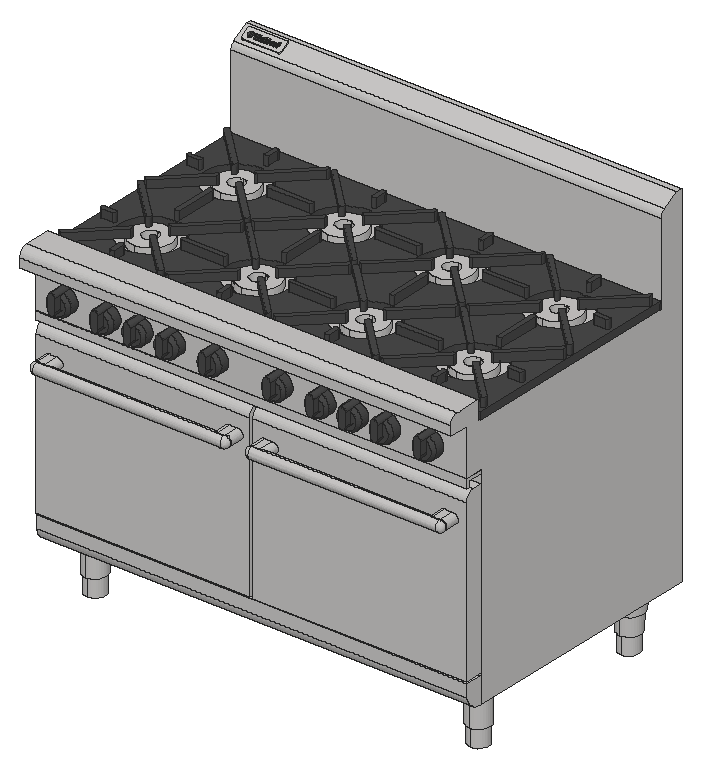
Revit family "QF_MOFFAT WALDORF_RN8820G", category Specialty Equipment, Revit 2012
Parameters
  Width = 1200 mm
  Weight in Pounds = 302
  URL Cutsheet = "www.moffat.com"
  URL = "www.moffat.com"
  Type Mark [instance] = ""
  Status [instance] = ""
  Specification by User [instance] = ""
  Specification by Manufacturer = ""
  Show Logo [instance] = yes
  Show Clearance [instance] = yes
  Serial Number = ""
  Seismic Rating = ""
  SMACNA No = ""
  Revision Code [instance] = ""
  Omniclass Number and Title = ""
  NAFEM Spec ID Number = ""
  Model = "RN8820G"
  Mechanical Remarks = ""
  Mechanical Connection Type [instance] = ""
  Masterspec = ""
  Manufacturer = "MOFFAT WALDORF"
  Item Number [instance] = ""
  Installed By [instance] = ""
  Identify Quantity as Lot [instance] = yes
  Height = 1130 mm
  Gas Size = 3/4"
  Gas RI Height [instance] = 0 mm
  Gas KW [instance] = 75.5
  Gas Input [instance] = 257806.0 Btu/h
  Gas Connection Height = 0 mm
  Furnished By [instance] = ""
  Foodservice Equipment Identifier [instance] = yes
  Description = "RANGE GAS WITH DOUBLE STATIC OVENS"
  Depth = 805 mm
  CSI MasterFormat = ""
  CSI Master Format = ""
  Body Finish = QF_Finishes_Stainless Steel
Reference planes
  plane 1 "BACK": y = 0
  plane 2: z = 0
  plane 3 "LEFT": x = 0
  plane 4 "RIGHT": x = 1200
  plane 5 "FRONT": y = -805
  plane 6 "TOP": z = 1130
  plane 7 "Center Y": x = 600
  plane 8 "Center X": y = -402.5
  plane 9: x = 280
  plane 10: y = -574.272
  plane 11: x = 60
  plane 12: y = -304.972
  plane 13: y = -364.972
  plane 14: x = 74
  plane 15: y = -805
  plane 16: x = 1134.5
  plane 17: y = -32
  plane 18: z = 655
  plane 19: x = 65.5
  plane 20: x = 65.8
Forms (mm)
  Extrusion 1, solid, material "QF_Finishes_Stainless Steel" <- "Body Finish"
    sketch origin (0, 0, 0) x (0, 1, 0) y (0, 0, 1)
      loop
        line (0, 150) -> (0, 1130) -> (-16.5, 1130) -> (-58.709, 1105.631)
        arc (-58.709, 1105.631) -> (-66.975, 1097.365) -> (-70, 1086.074) r 22.582
        line (-70, 1086.074) -> (-70, 861.8) -> (-709, 861.8) -> (-709, 915) -> (-781, 915)
        arc (-781, 915) -> (-797.971, 907.971) -> (-805, 891) r 24
        line (-805, 891) -> (-805, 866) -> (-749, 866) -> (-749, 736.219) -> (-696.73, 736.219) -> (-696.73, 150) -> (0, 150)
      loop
        line (-700.93, 150.071) -> (-700.93, 222.5) -> (-746.73, 222.5) -> (-746.73, 188)
        arc (-746.73, 188) -> (-731.317, 159.995) -> (-700.93, 150.071) r 43.526
      loop
        line (-749, 710) -> (-740.224, 710) -> (-742.613, 726.999) -> (-700.93, 726.999) -> (-700.93, 734.003) -> (-749, 734.003) -> (-749, 710)
    from 0 to 1200
  Extrusion 2, solid, material "QF_Finishes_Stainless Steel"
    sketch origin (0, 0, 0) x (0, 1, 0) y (0, 0, 1)
      loop
        line (-699, 700) -> (-725, 700)
        arc (-725, 700) -> (-741.971, 692.971) -> (-749, 676) r 24
        line (-749, 676) -> (-749, 227.5) -> (-699, 227.5) -> (-699, 700)
    from 0 to 1200
  Revolve 3, solid, material "QF_Finishes_Stainless Steel" <- "Body Finish"
    sketch origin (1134.5, -165, 0) x (0, 1, 0) y (0, 0, -1)
      loop
        line (33.25, -50) -> (31.418, -102.468) -> (26.406, -102.468) -> (22.247, -150) -> (65, -150) -> (65, 0) -> (37.5, 0) -> (37.5, -50) -> (33.25, -50)
      axis (65, -150) -> (65, 0)
    angle from 0 to 360
  Revolve 4, solid, material "QF_Finishes_Stainless Steel" <- "Body Finish"
    sketch origin (1134.5, -696.126, 0) x (0, 1, 0) y (0, 0, -1)
      loop
        line (39.376, -150) -> (71.126, -150) -> (71.126, 0) -> (43.626, 0) -> (43.626, -50) -> (39.376, -50) -> (39.376, -150)
      axis (71.126, -150) -> (71.126, 0)
    angle from 0 to 360
  Revolve 5, solid, material "QF_Finishes_Stainless Steel" <- "Body Finish"
    sketch origin (65.5, -165, 0) x (0, 1, 0) y (0, 0, 1)
      loop
        line (31.418, 102.468) -> (33.25, 50) -> (37.5, 50) -> (37.5, 0) -> (65, 0) -> (65, 150) -> (22.247, 150) -> (26.406, 102.468) -> (31.418, 102.468)
      axis (65, 150) -> (65, 0)
    angle from 0 to 360
  Revolve 6, solid, material "QF_Finishes_Stainless Steel" <- "Body Finish"
    sketch origin (65.5, -696.126, 0) x (0, 1, 0) y (0, 0, 1)
      loop
        line (39.376, 150) -> (39.376, 50) -> (43.626, 50) -> (43.626, 0) -> (71.126, 0) -> (71.126, 150) -> (39.376, 150)
      axis (71.126, 150) -> (71.126, 0)
    angle from 0 to 360
  Extrusion 7, solid, material "QF_Finishes_Stainless Steel"
    sketch origin (-64.5, 0, 325) x (1, 0, 0) y (0, 1, 0)
      loop
        circle (1134.5, -32) r 10
    from 330 to 374.856
  Extrusion 8, solid, material "QF_Finishes_Black"
    sketch origin (0, -70, 861.8) x (0, -1, 0) y (1, 0, 0)
      loop
        arc (1, 4) -> (1.879, 1.879) -> (4, 1) r 3
        line (4, 1) -> (631, 1)
        arc (631, 1) -> (633.121, 1.879) -> (634, 4) r 3
        line (634, 4) -> (634, 1197)
        arc (634, 1197) -> (633.121, 1199.121) -> (631, 1200) r 3
        line (631, 1200) -> (4, 1200)
        arc (4, 1200) -> (1.879, 1199.121) -> (1, 1197) r 3
        line (1, 1197) -> (1, 4)
      loop
        circle (167.5, 150) r 85
      loop
        circle (167.5, 450) r 85
      loop
        circle (467.768, 150) r 85
      loop
        circle (467.768, 450) r 85
      loop
        circle (167.5, 750) r 85
      loop
        circle (467.768, 750) r 85
      loop
        circle (167.5, 1050) r 85
      loop
        circle (467.768, 1050) r 85
    from 0 to 19.5
  Extrusion 9, solid, material "QF_Finishes_Black"
    sketch origin (0, -70, 881.3) x (0, -1, 0) y (1, 0, 0)
      loop
        spline (323.602, 15.153) -> (322.681, 13.924) -> (322.131, 12.47) -> (321.99, 10.89) -> (322.267, 9.292) -> (322.943, 7.786) -> (323.973, 6.473) -> (325.286, 5.443) -> (326.792, 4.767) -> (328.39, 4.49) -> (329.97, 4.631) -> (331.424, 5.181) -> (332.653, 6.102)
        line (332.653, 6.102) -> (440.576, 114.025)
        spline (440.576, 114.025) -> (441.337, 115.095) -> (441.738, 116.399) -> (441.751, 117.851) -> (441.375, 119.35) -> (440.637, 120.795) -> (439.586, 122.086) -> (438.295, 123.137) -> (436.85, 123.875) -> (435.351, 124.251) -> (433.899, 124.238) -> (432.595, 123.837) -> (431.525, 123.076)
        line (431.525, 123.076) -> (323.602, 15.153)
      loop
        line (611.398, 15.153) -> (503.475, 123.076)
        spline (503.475, 123.076) -> (502.405, 123.837) -> (501.101, 124.238) -> (499.649, 124.251) -> (498.15, 123.875) -> (496.705, 123.137) -> (495.414, 122.086) -> (494.363, 120.795) -> (493.625, 119.35) -> (493.249, 117.851) -> (493.262, 116.399) -> (493.663, 115.095) -> (494.424, 114.025)
        line (494.424, 114.025) -> (602.347, 6.102)
        spline (602.347, 6.102) -> (603.416, 5.341) -> (604.721, 4.941) -> (606.172, 4.928) -> (607.671, 5.303) -> (609.116, 6.041) -> (610.408, 7.092) -> (611.459, 8.384) -> (612.197, 9.829) -> (612.572, 11.328) -> (612.559, 12.779) -> (612.159, 14.084) -> (611.398, 15.153)
      loop
        spline (375.602, 143.6) -> (376.896, 143.818) -> (378.102, 144.457) -> (379.138, 145.475) -> (379.932, 146.8) -> (380.432, 148.344) -> (380.602, 150) -> (380.432, 151.656) -> (379.932, 153.2) -> (379.138, 154.525) -> (378.102, 155.543) -> (376.896, 156.182) -> (375.602, 156.4)
        line (375.602, 156.4) -> (259.398, 156.4)
        spline (259.398, 156.4) -> (258.104, 156.182) -> (256.898, 155.543) -> (255.862, 154.525) -> (255.068, 153.2) -> (254.568, 151.656) -> (254.398, 150) -> (254.568, 148.344) -> (255.068, 146.8) -> (255.862, 145.475) -> (256.898, 144.457) -> (258.104, 143.818) -> (259.398, 143.6)
        line (259.398, 143.6) -> (375.602, 143.6)
      loop
        spline (23.602, 15.153) -> (22.681, 13.924) -> (22.131, 12.47) -> (21.99, 10.89) -> (22.267, 9.292) -> (22.943, 7.786) -> (23.973, 6.473) -> (25.286, 5.443) -> (26.792, 4.767) -> (28.39, 4.49) -> (29.97, 4.631) -> (31.424, 5.181) -> (32.653, 6.102)
        line (32.653, 6.102) -> (140.576, 114.025)
        spline (140.576, 114.025) -> (141.337, 115.095) -> (141.738, 116.399) -> (141.751, 117.851) -> (141.375, 119.35) -> (140.637, 120.795) -> (139.586, 122.086) -> (138.295, 123.137) -> (136.85, 123.875) -> (135.351, 124.251) -> (133.899, 124.238) -> (132.595, 123.837) -> (131.525, 123.076)
        line (131.525, 123.076) -> (23.602, 15.153)
      loop
        line (311.398, 15.153) -> (203.475, 123.076)
        spline (203.475, 123.076) -> (202.405, 123.837) -> (201.101, 124.238) -> (199.649, 124.251) -> (198.15, 123.875) -> (196.705, 123.137) -> (195.414, 122.086) -> (194.363, 120.795) -> (193.625, 119.35) -> (193.249, 117.851) -> (193.262, 116.399) -> (193.663, 115.095) -> (194.424, 114.025)
        line (194.424, 114.025) -> (302.347, 6.102)
        spline (302.347, 6.102) -> (303.416, 5.341) -> (304.721, 4.941) -> (306.172, 4.928) -> (307.671, 5.303) -> (309.116, 6.041) -> (310.408, 7.092) -> (311.459, 8.384) -> (312.197, 9.829) -> (312.572, 11.328) -> (312.559, 12.779) -> (312.159, 14.084) -> (311.398, 15.153)
      loop
        line (323.602, 284.847) -> (431.525, 176.924)
        spline (431.525, 176.924) -> (432.595, 176.163) -> (433.899, 175.762) -> (435.351, 175.749) -> (436.85, 176.125) -> (438.295, 176.863) -> (439.586, 177.914) -> (440.637, 179.205) -> (441.375, 180.65) -> (441.751, 182.149) -> (441.738, 183.601) -> (441.337, 184.905) -> (440.576, 185.975)
        line (440.576, 185.975) -> (332.653, 293.898)
        spline (332.653, 293.898) -> (331.424, 294.819) -> (329.97, 295.369) -> (328.39, 295.51) -> (326.792, 295.233) -> (325.286, 294.557) -> (323.973, 293.527) -> (322.943, 292.214) -> (322.267, 290.708) -> (321.99, 289.11) -> (322.131, 287.53) -> (322.681, 286.076) -> (323.602, 284.847)
      loop
        spline (611.398, 284.847) -> (612.159, 285.916) -> (612.559, 287.221) -> (612.572, 288.672) -> (612.197, 290.171) -> (611.459, 291.616) -> (610.408, 292.908) -> (609.116, 293.959) -> (607.671, 294.697) -> (606.172, 295.072) -> (604.721, 295.059) -> (603.416, 294.659) -> (602.347, 293.898)
        line (602.347, 293.898) -> (494.424, 185.975)
        spline (494.424, 185.975) -> (493.663, 184.905) -> (493.262, 183.601) -> (493.249, 182.149) -> (493.625, 180.65) -> (494.363, 179.205) -> (495.414, 177.914) -> (496.705, 176.863) -> (498.15, 176.125) -> (499.649, 175.749) -> (501.101, 175.762) -> (502.405, 176.163) -> (503.475, 176.924)
        line (503.475, 176.924) -> (611.398, 284.847)
      loop
        spline (461.1, 241.898) -> (461.318, 240.604) -> (461.957, 239.398) -> (462.975, 238.362) -> (464.3, 237.568) -> (465.844, 237.068) -> (467.5, 236.898) -> (469.156, 237.068) -> (470.7, 237.568) -> (472.025, 238.362) -> (473.043, 239.398) -> (473.682, 240.604) -> (473.9, 241.898)
        line (473.9, 241.898) -> (473.9, 358.102)
        spline (473.9, 358.102) -> (473.682, 359.396) -> (473.043, 360.602) -> (472.025, 361.638) -> (470.7, 362.432) -> (469.156, 362.932) -> (467.5, 363.102) -> (465.844, 362.932) -> (464.3, 362.432) -> (462.975, 361.638) -> (461.957, 360.602) -> (461.318, 359.396) -> (461.1, 358.102)
        line (461.1, 358.102) -> (461.1, 241.898)
      loop
        line (23.602, 284.847) -> (131.525, 176.924)
        spline (131.525, 176.924) -> (132.595, 176.163) -> (133.899, 175.762) -> (135.351, 175.749) -> (136.85, 176.125) -> (138.295, 176.863) -> (139.586, 177.914) -> (140.637, 179.205) -> (141.375, 180.65) -> (141.751, 182.149) -> (141.738, 183.601) -> (141.337, 184.905) -> (140.576, 185.975)
        line (140.576, 185.975) -> (32.653, 293.898)
        spline (32.653, 293.898) -> (31.424, 294.819) -> (29.97, 295.369) -> (28.39, 295.51) -> (26.792, 295.233) -> (25.286, 294.557) -> (23.973, 293.527) -> (22.943, 292.214) -> (22.267, 290.708) -> (21.99, 289.11) -> (22.131, 287.53) -> (22.681, 286.076) -> (23.602, 284.847)
      loop
        spline (311.398, 284.847) -> (312.159, 285.916) -> (312.559, 287.221) -> (312.572, 288.672) -> (312.197, 290.171) -> (311.459, 291.616) -> (310.408, 292.908) -> (309.116, 293.959) -> (307.671, 294.697) -> (306.172, 295.072) -> (304.721, 295.059) -> (303.416, 294.659) -> (302.347, 293.898)
        line (302.347, 293.898) -> (194.424, 185.975)
        spline (194.424, 185.975) -> (193.663, 184.905) -> (193.262, 183.601) -> (193.249, 182.149) -> (193.625, 180.65) -> (194.363, 179.205) -> (195.414, 177.914) -> (196.705, 176.863) -> (198.15, 176.125) -> (199.649, 175.749) -> (201.101, 175.762) -> (202.405, 176.163) -> (203.475, 176.924)
        line (203.475, 176.924) -> (311.398, 284.847)
      loop
        spline (161.1, 241.898) -> (161.318, 240.604) -> (161.957, 239.398) -> (162.975, 238.362) -> (164.3, 237.568) -> (165.844, 237.068) -> (167.5, 236.898) -> (169.156, 237.068) -> (170.7, 237.568) -> (172.025, 238.362) -> (173.043, 239.398) -> (173.682, 240.604) -> (173.9, 241.898)
        line (173.9, 241.898) -> (173.9, 358.102)
        spline (173.9, 358.102) -> (173.682, 359.396) -> (173.043, 360.602) -> (172.025, 361.638) -> (170.7, 362.432) -> (169.156, 362.932) -> (167.5, 363.102) -> (165.844, 362.932) -> (164.3, 362.432) -> (162.975, 361.638) -> (161.957, 360.602) -> (161.318, 359.396) -> (161.1, 358.102)
        line (161.1, 358.102) -> (161.1, 241.898)
      loop
        line (375.602, 456.4) -> (259.398, 456.4)
        spline (259.398, 456.4) -> (258.104, 456.182) -> (256.898, 455.543) -> (255.862, 454.525) -> (255.068, 453.2) -> (254.568, 451.656) -> (254.398, 450) -> (254.568, 448.344) -> (255.068, 446.8) -> (255.862, 445.475) -> (256.898, 444.457) -> (258.104, 443.818) -> (259.398, 443.6)
        line (259.398, 443.6) -> (375.602, 443.6)
        spline (375.602, 443.6) -> (376.896, 443.818) -> (378.102, 444.457) -> (379.138, 445.475) -> (379.932, 446.8) -> (380.432, 448.344) -> (380.602, 450) -> (380.432, 451.656) -> (379.932, 453.2) -> (379.138, 454.525) -> (378.102, 455.543) -> (376.896, 456.182) -> (375.602, 456.4)
      loop
        spline (323.602, 315.153) -> (322.681, 313.924) -> (322.131, 312.47) -> (321.99, 310.89) -> (322.267, 309.292) -> (322.943, 307.786) -> (323.973, 306.473) -> (325.286, 305.443) -> (326.792, 304.767) -> (328.39, 304.49) -> (329.97, 304.631) -> (331.424, 305.181) -> (332.653, 306.102)
        line (332.653, 306.102) -> (440.576, 414.025)
        spline (440.576, 414.025) -> (441.337, 415.095) -> (441.738, 416.399) -> (441.751, 417.851) -> (441.375, 419.35) -> (440.637, 420.795) -> (439.586, 422.086) -> (438.295, 423.137) -> (436.85, 423.875) -> (435.351, 424.251) -> (433.899, 424.238) -> (432.595, 423.837) -> (431.525, 423.076)
        line (431.525, 423.076) -> (323.602, 315.153)
      loop
        line (611.398, 315.153) -> (503.475, 423.076)
        spline (503.475, 423.076) -> (502.405, 423.837) -> (501.101, 424.238) -> (499.649, 424.251) -> (498.15, 423.875) -> (496.705, 423.137) -> (495.414, 422.086) -> (494.363, 420.795) -> (493.625, 419.35) -> (493.249, 417.851) -> (493.262, 416.399) -> (493.663, 415.095) -> (494.424, 414.025)
        line (494.424, 414.025) -> (602.347, 306.102)
        spline (602.347, 306.102) -> (603.416, 305.341) -> (604.721, 304.941) -> (606.172, 304.928) -> (607.671, 305.303) -> (609.116, 306.041) -> (610.408, 307.092) -> (611.459, 308.384) -> (612.197, 309.829) -> (612.572, 311.328) -> (612.559, 312.779) -> (612.159, 314.084) -> (611.398, 315.153)
      loop
        spline (23.602, 315.153) -> (22.681, 313.924) -> (22.131, 312.47) -> (21.99, 310.89) -> (22.267, 309.292) -> (22.943, 307.786) -> (23.973, 306.473) -> (25.286, 305.443) -> (26.792, 304.767) -> (28.39, 304.49) -> (29.97, 304.631) -> (31.424, 305.181) -> (32.653, 306.102)
        line (32.653, 306.102) -> (140.576, 414.025)
        spline (140.576, 414.025) -> (141.337, 415.095) -> (141.738, 416.399) -> (141.751, 417.851) -> (141.375, 419.35) -> (140.637, 420.795) -> (139.586, 422.086) -> (138.295, 423.137) -> (136.85, 423.875) -> (135.351, 424.251) -> (133.899, 424.238) -> (132.595, 423.837) -> (131.525, 423.076)
        line (131.525, 423.076) -> (23.602, 315.153)
      loop
        line (311.398, 315.153) -> (203.475, 423.076)
        spline (203.475, 423.076) -> (202.405, 423.837) -> (201.101, 424.238) -> (199.649, 424.251) -> (198.15, 423.875) -> (196.705, 423.137) -> (195.414, 422.086) -> (194.363, 420.795) -> (193.625, 419.35) -> (193.249, 417.851) -> (193.262, 416.399) -> (193.663, 415.095) -> (194.424, 414.025)
        line (194.424, 414.025) -> (302.347, 306.102)
        spline (302.347, 306.102) -> (303.416, 305.341) -> (304.721, 304.941) -> (306.172, 304.928) -> (307.671, 305.303) -> (309.116, 306.041) -> (310.408, 307.092) -> (311.459, 308.384) -> (312.197, 309.829) -> (312.572, 311.328) -> (312.559, 312.779) -> (312.159, 314.084) -> (311.398, 315.153)
      loop
        line (323.602, 584.847) -> (431.525, 476.924)
        spline (431.525, 476.924) -> (432.595, 476.163) -> (433.899, 475.762) -> (435.351, 475.749) -> (436.85, 476.125) -> (438.295, 476.863) -> (439.586, 477.914) -> (440.637, 479.205) -> (441.375, 480.65) -> (441.751, 482.149) -> (441.738, 483.601) -> (441.337, 484.905) -> (440.576, 485.975)
        line (440.576, 485.975) -> (332.653, 593.898)
        spline (332.653, 593.898) -> (331.424, 594.819) -> (329.97, 595.369) -> (328.39, 595.51) -> (326.792, 595.233) -> (325.286, 594.557) -> (323.973, 593.527) -> (322.943, 592.214) -> (322.267, 590.708) -> (321.99, 589.11) -> (322.131, 587.53) -> (322.681, 586.076) -> (323.602, 584.847)
      loop
        spline (611.398, 584.847) -> (612.159, 585.916) -> (612.559, 587.221) -> (612.572, 588.672) -> (612.197, 590.171) -> (611.459, 591.616) -> (610.408, 592.908) -> (609.116, 593.959) -> (607.671, 594.697) -> (606.172, 595.072) -> (604.721, 595.059) -> (603.416, 594.659) -> (602.347, 593.898)
        line (602.347, 593.898) -> (494.424, 485.975)
        spline (494.424, 485.975) -> (493.663, 484.905) -> (493.262, 483.601) -> (493.249, 482.149) -> (493.625, 480.65) -> (494.363, 479.205) -> (495.414, 477.914) -> (496.705, 476.863) -> (498.15, 476.125) -> (499.649, 475.749) -> (501.101, 475.762) -> (502.405, 476.163) -> (503.475, 476.924)
        line (503.475, 476.924) -> (611.398, 584.847)
      loop
        line (23.602, 584.847) -> (131.525, 476.924)
        spline (131.525, 476.924) -> (132.595, 476.163) -> (133.899, 475.762) -> (135.351, 475.749) -> (136.85, 476.125) -> (138.295, 476.863) -> (139.586, 477.914) -> (140.637, 479.205) -> (141.375, 480.65) -> (141.751, 482.149) -> (141.738, 483.601) -> (141.337, 484.905) -> (140.576, 485.975)
        line (140.576, 485.975) -> (32.653, 593.898)
        spline (32.653, 593.898) -> (31.424, 594.819) -> (29.97, 595.369) -> (28.39, 595.51) -> (26.792, 595.233) -> (25.286, 594.557) -> (23.973, 593.527) -> (22.943, 592.214) -> (22.267, 590.708) -> (21.99, 589.11) -> (22.131, 587.53) -> (22.681, 586.076) -> (23.602, 584.847)
      loop
        spline (311.398, 584.847) -> (312.159, 585.916) -> (312.559, 587.221) -> (312.572, 588.672) -> (312.197, 590.171) -> (311.459, 591.616) -> (310.408, 592.908) -> (309.116, 593.959) -> (307.671, 594.697) -> (306.172, 595.072) -> (304.721, 595.059) -> (303.416, 594.659) -> (302.347, 593.898)
        line (302.347, 593.898) -> (194.424, 485.975)
        spline (194.424, 485.975) -> (193.663, 484.905) -> (193.262, 483.601) -> (193.249, 482.149) -> (193.625, 480.65) -> (194.363, 479.205) -> (195.414, 477.914) -> (196.705, 476.863) -> (198.15, 476.125) -> (199.649, 475.749) -> (201.101, 475.762) -> (202.405, 476.163) -> (203.475, 476.924)
        line (203.475, 476.924) -> (311.398, 584.847)
      loop
        spline (461.1, 541.898) -> (461.318, 540.604) -> (461.957, 539.398) -> (462.975, 538.362) -> (464.3, 537.568) -> (465.844, 537.068) -> (467.5, 536.898) -> (469.156, 537.068) -> (470.7, 537.568) -> (472.025, 538.362) -> (473.043, 539.398) -> (473.682, 540.604) -> (473.9, 541.898)
        line (473.9, 541.898) -> (473.9, 658.102)
        spline (473.9, 658.102) -> (473.682, 659.396) -> (473.043, 660.602) -> (472.025, 661.638) -> (470.7, 662.432) -> (469.156, 662.932) -> (467.5, 663.102) -> (465.844, 662.932) -> (464.3, 662.432) -> (462.975, 661.638) -> (461.957, 660.602) -> (461.318, 659.396) -> (461.1, 658.102)
        line (461.1, 658.102) -> (461.1, 541.898)
      loop
        spline (161.1, 541.898) -> (161.318, 540.604) -> (161.957, 539.398) -> (162.975, 538.362) -> (164.3, 537.568) -> (165.844, 537.068) -> (167.5, 536.898) -> (169.156, 537.068) -> (170.7, 537.568) -> (172.025, 538.362) -> (173.043, 539.398) -> (173.682, 540.604) -> (173.9, 541.898)
        line (173.9, 541.898) -> (173.9, 658.102)
        spline (173.9, 658.102) -> (173.682, 659.396) -> (173.043, 660.602) -> (172.025, 661.638) -> (170.7, 662.432) -> (169.156, 662.932) -> (167.5, 663.102) -> (165.844, 662.932) -> (164.3, 662.432) -> (162.975, 661.638) -> (161.957, 660.602) -> (161.318, 659.396) -> (161.1, 658.102)
        line (161.1, 658.102) -> (161.1, 541.898)
      loop
        line (375.602, 756.4) -> (259.398, 756.4)
        spline (259.398, 756.4) -> (258.104, 756.182) -> (256.898, 755.543) -> (255.862, 754.525) -> (255.068, 753.2) -> (254.568, 751.656) -> (254.398, 750) -> (254.568, 748.344) -> (255.068, 746.8) -> (255.862, 745.475) -> (256.898, 744.457) -> (258.104, 743.818) -> (259.398, 743.6)
        line (259.398, 743.6) -> (375.602, 743.6)
        spline (375.602, 743.6) -> (376.896, 743.818) -> (378.102, 744.457) -> (379.138, 745.475) -> (379.932, 746.8) -> (380.432, 748.344) -> (380.602, 750) -> (380.432, 751.656) -> (379.932, 753.2) -> (379.138, 754.525) -> (378.102, 755.543) -> (376.896, 756.182) -> (375.602, 756.4)
      loop
        spline (323.602, 615.153) -> (322.681, 613.924) -> (322.131, 612.47) -> (321.99, 610.89) -> (322.267, 609.292) -> (322.943, 607.786) -> (323.973, 606.473) -> (325.286, 605.443) -> (326.792, 604.767) -> (328.39, 604.49) -> (329.97, 604.631) -> (331.424, 605.181) -> (332.653, 606.102)
        line (332.653, 606.102) -> (440.576, 714.025)
        spline (440.576, 714.025) -> (441.337, 715.095) -> (441.738, 716.399) -> (441.751, 717.851) -> (441.375, 719.35) -> (440.637, 720.795) -> (439.586, 722.086) -> (438.295, 723.137) -> (436.85, 723.875) -> (435.351, 724.251) -> (433.899, 724.238) -> (432.595, 723.837) -> (431.525, 723.076)
        line (431.525, 723.076) -> (323.602, 615.153)
      loop
        line (611.398, 615.153) -> (503.475, 723.076)
        spline (503.475, 723.076) -> (502.405, 723.837) -> (501.101, 724.238) -> (499.649, 724.251) -> (498.15, 723.875) -> (496.705, 723.137) -> (495.414, 722.086) -> (494.363, 720.795) -> (493.625, 719.35) -> (493.249, 717.851) -> (493.262, 716.399) -> (493.663, 715.095) -> (494.424, 714.025)
        line (494.424, 714.025) -> (602.347, 606.102)
        spline (602.347, 606.102) -> (603.416, 605.341) -> (604.721, 604.941) -> (606.172, 604.928) -> (607.671, 605.303) -> (609.116, 606.041) -> (610.408, 607.092) -> (611.459, 608.384) -> (612.197, 609.829) -> (612.572, 611.328) -> (612.559, 612.779) -> (612.159, 614.084) -> (611.398, 615.153)
      loop
        spline (23.602, 615.153) -> (22.681, 613.924) -> (22.131, 612.47) -> (21.99, 610.89) -> (22.267, 609.292) -> (22.943, 607.786) -> (23.973, 606.473) -> (25.286, 605.443) -> (26.792, 604.767) -> (28.39, 604.49) -> (29.97, 604.631) -> (31.424, 605.181) -> (32.653, 606.102)
        line (32.653, 606.102) -> (140.576, 714.025)
        spline (140.576, 714.025) -> (141.337, 715.095) -> (141.738, 716.399) -> (141.751, 717.851) -> (141.375, 719.35) -> (140.637, 720.795) -> (139.586, 722.086) -> (138.295, 723.137) -> (136.85, 723.875) -> (135.351, 724.251) -> (133.899, 724.238) -> (132.595, 723.837) -> (131.525, 723.076)
        line (131.525, 723.076) -> (23.602, 615.153)
      loop
        line (311.398, 615.153) -> (203.475, 723.076)
        spline (203.475, 723.076) -> (202.405, 723.837) -> (201.101, 724.238) -> (199.649, 724.251) -> (198.15, 723.875) -> (196.705, 723.137) -> (195.414, 722.086) -> (194.363, 720.795) -> (193.625, 719.35) -> (193.249, 717.851) -> (193.262, 716.399) -> (193.663, 715.095) -> (194.424, 714.025)
        line (194.424, 714.025) -> (302.347, 606.102)
        spline (302.347, 606.102) -> (303.416, 605.341) -> (304.721, 604.941) -> (306.172, 604.928) -> (307.671, 605.303) -> (309.116, 606.041) -> (310.408, 607.092) -> (311.459, 608.384) -> (312.197, 609.829) -> (312.572, 611.328) -> (312.559, 612.779) -> (312.159, 614.084) -> (311.398, 615.153)
      loop
        line (323.602, 884.847) -> (431.525, 776.924)
        spline (431.525, 776.924) -> (432.595, 776.163) -> (433.899, 775.762) -> (435.351, 775.749) -> (436.85, 776.125) -> (438.295, 776.863) -> (439.586, 777.914) -> (440.637, 779.205) -> (441.375, 780.65) -> (441.751, 782.149) -> (441.738, 783.601) -> (441.337, 784.905) -> (440.576, 785.975)
        line (440.576, 785.975) -> (332.653, 893.898)
        spline (332.653, 893.898) -> (331.424, 894.819) -> (329.97, 895.369) -> (328.39, 895.51) -> (326.792, 895.233) -> (325.286, 894.557) -> (323.973, 893.527) -> (322.943, 892.214) -> (322.267, 890.708) -> (321.99, 889.11) -> (322.131, 887.53) -> (322.681, 886.076) -> (323.602, 884.847)
      loop
        spline (611.398, 884.847) -> (612.159, 885.916) -> (612.559, 887.221) -> (612.572, 888.672) -> (612.197, 890.171) -> (611.459, 891.616) -> (610.408, 892.908) -> (609.116, 893.959) -> (607.671, 894.697) -> (606.172, 895.072) -> (604.721, 895.059) -> (603.416, 894.659) -> (602.347, 893.898)
        line (602.347, 893.898) -> (494.424, 785.975)
        spline (494.424, 785.975) -> (493.663, 784.905) -> (493.262, 783.601) -> (493.249, 782.149) -> (493.625, 780.65) -> (494.363, 779.205) -> (495.414, 777.914) -> (496.705, 776.863) -> (498.15, 776.125) -> (499.649, 775.749) -> (501.101, 775.762) -> (502.405, 776.163) -> (503.475, 776.924)
        line (503.475, 776.924) -> (611.398, 884.847)
      loop
        line (23.602, 884.847) -> (131.525, 776.924)
        spline (131.525, 776.924) -> (132.595, 776.163) -> (133.899, 775.762) -> (135.351, 775.749) -> (136.85, 776.125) -> (138.295, 776.863) -> (139.586, 777.914) -> (140.637, 779.205) -> (141.375, 780.65) -> (141.751, 782.149) -> (141.738, 783.601) -> (141.337, 784.905) -> (140.576, 785.975)
        line (140.576, 785.975) -> (32.653, 893.898)
        spline (32.653, 893.898) -> (31.424, 894.819) -> (29.97, 895.369) -> (28.39, 895.51) -> (26.792, 895.233) -> (25.286, 894.557) -> (23.973, 893.527) -> (22.943, 892.214) -> (22.267, 890.708) -> (21.99, 889.11) -> (22.131, 887.53) -> (22.681, 886.076) -> (23.602, 884.847)
      loop
        spline (311.398, 884.847) -> (312.159, 885.916) -> (312.559, 887.221) -> (312.572, 888.672) -> (312.197, 890.171) -> (311.459, 891.616) -> (310.408, 892.908) -> (309.116, 893.959) -> (307.671, 894.697) -> (306.172, 895.072) -> (304.721, 895.059) -> (303.416, 894.659) -> (302.347, 893.898)
        line (302.347, 893.898) -> (194.424, 785.975)
        spline (194.424, 785.975) -> (193.663, 784.905) -> (193.262, 783.601) -> (193.249, 782.149) -> (193.625, 780.65) -> (194.363, 779.205) -> (195.414, 777.914) -> (196.705, 776.863) -> (198.15, 776.125) -> (199.649, 775.749) -> (201.101, 775.762) -> (202.405, 776.163) -> (203.475, 776.924)
        line (203.475, 776.924) -> (311.398, 884.847)
      loop
        line (323.602, 1184.847) -> (431.525, 1076.924)
        spline (431.525, 1076.924) -> (432.595, 1076.163) -> (433.899, 1075.762) -> (435.351, 1075.749) -> (436.85, 1076.125) -> (438.295, 1076.863) -> (439.586, 1077.914) -> (440.637, 1079.205) -> (441.375, 1080.65) -> (441.751, 1082.149) -> (441.738, 1083.601) -> (441.337, 1084.905) -> (440.576, 1085.975)
        line (440.576, 1085.975) -> (332.653, 1193.898)
        spline (332.653, 1193.898) -> (331.424, 1194.819) -> (329.97, 1195.369) -> (328.39, 1195.51) -> (326.792, 1195.233) -> (325.286, 1194.557) -> (323.973, 1193.527) -> (322.943, 1192.214) -> (322.267, 1190.708) -> (321.99, 1189.11) -> (322.131, 1187.53) -> (322.681, 1186.076) -> (323.602, 1184.847)
      loop
        spline (611.398, 1184.847) -> (612.159, 1185.916) -> (612.559, 1187.221) -> (612.572, 1188.672) -> (612.197, 1190.171) -> (611.459, 1191.616) -> (610.408, 1192.908) -> (609.116, 1193.959) -> (607.671, 1194.697) -> (606.172, 1195.072) -> (604.721, 1195.059) -> (603.416, 1194.659) -> (602.347, 1193.898)
        line (602.347, 1193.898) -> (494.424, 1085.975)
        spline (494.424, 1085.975) -> (493.663, 1084.905) -> (493.262, 1083.601) -> (493.249, 1082.149) -> (493.625, 1080.65) -> (494.363, 1079.205) -> (495.414, 1077.914) -> (496.705, 1076.863) -> (498.15, 1076.125) -> (499.649, 1075.749) -> (501.101, 1075.762) -> (502.405, 1076.163) -> (503.475, 1076.924)
        line (503.475, 1076.924) -> (611.398, 1184.847)
      loop
        line (375.602, 1056.4) -> (259.398, 1056.4)
        spline (259.398, 1056.4) -> (258.104, 1056.182) -> (256.898, 1055.543) -> (255.862, 1054.525) -> (255.068, 1053.2) -> (254.568, 1051.656) -> (254.398, 1050) -> (254.568, 1048.344) -> (255.068, 1046.8) -> (255.862, 1045.475) -> (256.898, 1044.457) -> (258.104, 1043.818) -> (259.398, 1043.6)
        line (259.398, 1043.6) -> (375.602, 1043.6)
        spline (375.602, 1043.6) -> (376.896, 1043.818) -> (378.102, 1044.457) -> (379.138, 1045.475) -> (379.932, 1046.8) -> (380.432, 1048.344) -> (380.602, 1050) -> (380.432, 1051.656) -> (379.932, 1053.2) -> (379.138, 1054.525) -> (378.102, 1055.543) -> (376.896, 1056.182) -> (375.602, 1056.4)
      loop
        line (23.602, 1184.847) -> (131.525, 1076.924)
        spline (131.525, 1076.924) -> (132.595, 1076.163) -> (133.899, 1075.762) -> (135.351, 1075.749) -> (136.85, 1076.125) -> (138.295, 1076.863) -> (139.586, 1077.914) -> (140.637, 1079.205) -> (141.375, 1080.65) -> (141.751, 1082.149) -> (141.738, 1083.601) -> (141.337, 1084.905) -> (140.576, 1085.975)
        line (140.576, 1085.975) -> (32.653, 1193.898)
        spline (32.653, 1193.898) -> (31.424, 1194.819) -> (29.97, 1195.369) -> (28.39, 1195.51) -> (26.792, 1195.233) -> (25.286, 1194.557) -> (23.973, 1193.527) -> (22.943, 1192.214) -> (22.267, 1190.708) -> (21.99, 1189.11) -> (22.131, 1187.53) -> (22.681, 1186.076) -> (23.602, 1184.847)
      loop
        spline (311.398, 1184.847) -> (312.159, 1185.916) -> (312.559, 1187.221) -> (312.572, 1188.672) -> (312.197, 1190.171) -> (311.459, 1191.616) -> (310.408, 1192.908) -> (309.116, 1193.959) -> (307.671, 1194.697) -> (306.172, 1195.072) -> (304.721, 1195.059) -> (303.416, 1194.659) -> (302.347, 1193.898)
        line (302.347, 1193.898) -> (194.424, 1085.975)
        spline (194.424, 1085.975) -> (193.663, 1084.905) -> (193.262, 1083.601) -> (193.249, 1082.149) -> (193.625, 1080.65) -> (194.363, 1079.205) -> (195.414, 1077.914) -> (196.705, 1076.863) -> (198.15, 1076.125) -> (199.649, 1075.749) -> (201.101, 1075.762) -> (202.405, 1076.163) -> (203.475, 1076.924)
        line (203.475, 1076.924) -> (311.398, 1184.847)
      loop
        spline (323.602, 915.153) -> (322.681, 913.924) -> (322.131, 912.47) -> (321.99, 910.89) -> (322.267, 909.292) -> (322.943, 907.786) -> (323.973, 906.473) -> (325.286, 905.443) -> (326.792, 904.767) -> (328.39, 904.49) -> (329.97, 904.631) -> (331.424, 905.181) -> (332.653, 906.102)
        line (332.653, 906.102) -> (440.576, 1014.025)
        spline (440.576, 1014.025) -> (441.337, 1015.095) -> (441.738, 1016.399) -> (441.751, 1017.851) -> (441.375, 1019.35) -> (440.637, 1020.795) -> (439.586, 1022.086) -> (438.295, 1023.137) -> (436.85, 1023.875) -> (435.351, 1024.251) -> (433.899, 1024.238) -> (432.595, 1023.837) -> (431.525, 1023.076)
        line (431.525, 1023.076) -> (323.602, 915.153)
      loop
        line (611.398, 915.153) -> (503.475, 1023.076)
        spline (503.475, 1023.076) -> (502.405, 1023.837) -> (501.101, 1024.238) -> (499.649, 1024.251) -> (498.15, 1023.875) -> (496.705, 1023.137) -> (495.414, 1022.086) -> (494.363, 1020.795) -> (493.625, 1019.35) -> (493.249, 1017.851) -> (493.262, 1016.399) -> (493.663, 1015.095) -> (494.424, 1014.025)
        line (494.424, 1014.025) -> (602.347, 906.102)
        spline (602.347, 906.102) -> (603.416, 905.341) -> (604.721, 904.941) -> (606.172, 904.928) -> (607.671, 905.303) -> (609.116, 906.041) -> (610.408, 907.092) -> (611.459, 908.384) -> (612.197, 909.829) -> (612.572, 911.328) -> (612.559, 912.779) -> (612.159, 914.084) -> (611.398, 915.153)
      loop
        spline (23.602, 915.153) -> (22.681, 913.924) -> (22.131, 912.47) -> (21.99, 910.89) -> (22.267, 909.292) -> (22.943, 907.786) -> (23.973, 906.473) -> (25.286, 905.443) -> (26.792, 904.767) -> (28.39, 904.49) -> (29.97, 904.631) -> (31.424, 905.181) -> (32.653, 906.102)
        line (32.653, 906.102) -> (140.576, 1014.025)
        spline (140.576, 1014.025) -> (141.337, 1015.095) -> (141.738, 1016.399) -> (141.751, 1017.851) -> (141.375, 1019.35) -> (140.637, 1020.795) -> (139.586, 1022.086) -> (138.295, 1023.137) -> (136.85, 1023.875) -> (135.351, 1024.251) -> (133.899, 1024.238) -> (132.595, 1023.837) -> (131.525, 1023.076)
        line (131.525, 1023.076) -> (23.602, 915.153)
      loop
        line (311.398, 915.153) -> (203.475, 1023.076)
        spline (203.475, 1023.076) -> (202.405, 1023.837) -> (201.101, 1024.238) -> (199.649, 1024.251) -> (198.15, 1023.875) -> (196.705, 1023.137) -> (195.414, 1022.086) -> (194.363, 1020.795) -> (193.625, 1019.35) -> (193.249, 1017.851) -> (193.262, 1016.399) -> (193.663, 1015.095) -> (194.424, 1014.025)
        line (194.424, 1014.025) -> (302.347, 906.102)
        spline (302.347, 906.102) -> (303.416, 905.341) -> (304.721, 904.941) -> (306.172, 904.928) -> (307.671, 905.303) -> (309.116, 906.041) -> (310.408, 907.092) -> (311.459, 908.384) -> (312.197, 909.829) -> (312.572, 911.328) -> (312.559, 912.779) -> (312.159, 914.084) -> (311.398, 915.153)
      loop
        line (461.1, 958.102) -> (461.1, 841.898)
        spline (461.1, 841.898) -> (461.318, 840.604) -> (461.957, 839.398) -> (462.975, 838.362) -> (464.3, 837.568) -> (465.844, 837.068) -> (467.5, 836.898) -> (469.156, 837.068) -> (470.7, 837.568) -> (472.025, 838.362) -> (473.043, 839.398) -> (473.682, 840.604) -> (473.9, 841.898)
        line (473.9, 841.898) -> (473.9, 958.102)
        spline (473.9, 958.102) -> (473.682, 959.396) -> (473.043, 960.602) -> (472.025, 961.638) -> (470.7, 962.432) -> (469.156, 962.932) -> (467.5, 963.102) -> (465.844, 962.932) -> (464.3, 962.432) -> (462.975, 961.638) -> (461.957, 960.602) -> (461.318, 959.396) -> (461.1, 958.102)
      loop
        line (161.1, 958.102) -> (161.1, 841.898)
        spline (161.1, 841.898) -> (161.318, 840.604) -> (161.957, 839.398) -> (162.975, 838.362) -> (164.3, 837.568) -> (165.844, 837.068) -> (167.5, 836.898) -> (169.156, 837.068) -> (170.7, 837.568) -> (172.025, 838.362) -> (173.043, 839.398) -> (173.682, 840.604) -> (173.9, 841.898)
        line (173.9, 841.898) -> (173.9, 958.102)
        spline (173.9, 958.102) -> (173.682, 959.396) -> (173.043, 960.602) -> (172.025, 961.638) -> (170.7, 962.432) -> (169.156, 962.932) -> (167.5, 963.102) -> (165.844, 962.932) -> (164.3, 962.432) -> (162.975, 961.638) -> (161.957, 960.602) -> (161.318, 959.396) -> (161.1, 958.102)
      loop
        spline (63.102, 143.6) -> (64.396, 143.818) -> (65.602, 144.457) -> (66.637, 145.475) -> (67.432, 146.8) -> (67.931, 148.344) -> (68.102, 150) -> (67.931, 151.656) -> (67.432, 153.2) -> (66.637, 154.525) -> (65.602, 155.543) -> (64.396, 156.182) -> (63.102, 156.4)
        line (63.102, 156.4) -> (31.898, 156.4)
        spline (31.898, 156.4) -> (30.604, 156.182) -> (29.398, 155.543) -> (28.362, 154.525) -> (27.568, 153.2) -> (27.068, 151.656) -> (26.898, 150) -> (27.068, 148.344) -> (27.568, 146.8) -> (28.362, 145.475) -> (29.398, 144.457) -> (30.604, 143.818) -> (31.898, 143.6)
        line (31.898, 143.6) -> (63.102, 143.6)
      loop
        spline (63.102, 442.797) -> (64.396, 443.015) -> (65.602, 443.655) -> (66.637, 444.672) -> (67.432, 445.997) -> (67.931, 447.541) -> (68.102, 449.197) -> (67.931, 450.854) -> (67.432, 452.397) -> (66.637, 453.723) -> (65.602, 454.74) -> (64.396, 455.379) -> (63.102, 455.597)
        line (63.102, 455.597) -> (31.898, 455.597)
        spline (31.898, 455.597) -> (30.604, 455.379) -> (29.398, 454.74) -> (28.362, 453.723) -> (27.568, 452.397) -> (27.068, 450.854) -> (26.898, 449.197) -> (27.068, 447.541) -> (27.568, 445.997) -> (28.362, 444.672) -> (29.398, 443.655) -> (30.604, 443.015) -> (31.898, 442.797)
        line (31.898, 442.797) -> (63.102, 442.797)
      loop
        spline (63.102, 742.797) -> (64.396, 743.015) -> (65.602, 743.655) -> (66.637, 744.672) -> (67.432, 745.997) -> (67.931, 747.541) -> (68.102, 749.197) -> (67.931, 750.854) -> (67.432, 752.397) -> (66.637, 753.723) -> (65.602, 754.74) -> (64.396, 755.379) -> (63.102, 755.597)
        line (63.102, 755.597) -> (31.898, 755.597)
        spline (31.898, 755.597) -> (30.604, 755.379) -> (29.398, 754.74) -> (28.362, 753.723) -> (27.568, 752.397) -> (27.068, 750.854) -> (26.898, 749.197) -> (27.068, 747.541) -> (27.568, 745.997) -> (28.362, 744.672) -> (29.398, 743.655) -> (30.604, 743.015) -> (31.898, 742.797)
        line (31.898, 742.797) -> (63.102, 742.797)
      loop
        spline (63.102, 1042.797) -> (64.396, 1043.015) -> (65.602, 1043.655) -> (66.637, 1044.672) -> (67.432, 1045.997) -> (67.931, 1047.541) -> (68.102, 1049.197) -> (67.931, 1050.854) -> (67.432, 1052.397) -> (66.637, 1053.723) -> (65.602, 1054.74) -> (64.396, 1055.379) -> (63.102, 1055.597)
        line (63.102, 1055.597) -> (31.898, 1055.597)
        spline (31.898, 1055.597) -> (30.604, 1055.379) -> (29.398, 1054.74) -> (28.362, 1053.723) -> (27.568, 1052.397) -> (27.068, 1050.854) -> (26.898, 1049.197) -> (27.068, 1047.541) -> (27.568, 1045.997) -> (28.362, 1044.672) -> (29.398, 1043.655) -> (30.604, 1043.015) -> (31.898, 1042.797)
        line (31.898, 1042.797) -> (63.102, 1042.797)
      loop
        line (569.807, 143.6) -> (601.011, 143.6)
        spline (601.011, 143.6) -> (602.305, 143.818) -> (603.511, 144.457) -> (604.547, 145.475) -> (605.341, 146.8) -> (605.841, 148.344) -> (606.011, 150) -> (605.841, 151.656) -> (605.341, 153.2) -> (604.547, 154.525) -> (603.511, 155.543) -> (602.305, 156.182) -> (601.011, 156.4)
        line (601.011, 156.4) -> (569.807, 156.4)
        spline (569.807, 156.4) -> (568.513, 156.182) -> (567.307, 155.543) -> (566.272, 154.525) -> (565.477, 153.2) -> (564.978, 151.656) -> (564.807, 150) -> (564.978, 148.344) -> (565.477, 146.8) -> (566.272, 145.475) -> (567.307, 144.457) -> (568.513, 143.818) -> (569.807, 143.6)
      loop
        line (569.807, 442.797) -> (601.011, 442.797)
        spline (601.011, 442.797) -> (602.305, 443.015) -> (603.511, 443.655) -> (604.547, 444.672) -> (605.341, 445.997) -> (605.841, 447.541) -> (606.011, 449.197) -> (605.841, 450.854) -> (605.341, 452.397) -> (604.547, 453.723) -> (603.511, 454.74) -> (602.305, 455.379) -> (601.011, 455.597)
        line (601.011, 455.597) -> (569.807, 455.597)
        spline (569.807, 455.597) -> (568.513, 455.379) -> (567.307, 454.74) -> (566.272, 453.723) -> (565.477, 452.397) -> (564.978, 450.854) -> (564.807, 449.197) -> (564.978, 447.541) -> (565.477, 445.997) -> (566.272, 444.672) -> (567.307, 443.655) -> (568.513, 443.015) -> (569.807, 442.797)
      loop
        line (569.807, 742.797) -> (601.011, 742.797)
        spline (601.011, 742.797) -> (602.305, 743.015) -> (603.511, 743.655) -> (604.547, 744.672) -> (605.341, 745.997) -> (605.841, 747.541) -> (606.011, 749.197) -> (605.841, 750.854) -> (605.341, 752.397) -> (604.547, 753.723) -> (603.511, 754.74) -> (602.305, 755.379) -> (601.011, 755.597)
        line (601.011, 755.597) -> (569.807, 755.597)
        spline (569.807, 755.597) -> (568.513, 755.379) -> (567.307, 754.74) -> (566.272, 753.723) -> (565.477, 752.397) -> (564.978, 750.854) -> (564.807, 749.197) -> (564.978, 747.541) -> (565.477, 745.997) -> (566.272, 744.672) -> (567.307, 743.655) -> (568.513, 743.015) -> (569.807, 742.797)
      loop
        line (569.807, 1042.797) -> (601.011, 1042.797)
        spline (601.011, 1042.797) -> (602.305, 1043.015) -> (603.511, 1043.655) -> (604.547, 1044.672) -> (605.341, 1045.997) -> (605.841, 1047.541) -> (606.011, 1049.197) -> (605.841, 1050.854) -> (605.341, 1052.397) -> (604.547, 1053.723) -> (603.511, 1054.74) -> (602.305, 1055.379) -> (601.011, 1055.597)
        line (601.011, 1055.597) -> (569.807, 1055.597)
        spline (569.807, 1055.597) -> (568.513, 1055.379) -> (567.307, 1054.74) -> (566.272, 1053.723) -> (565.477, 1052.397) -> (564.978, 1050.854) -> (564.807, 1049.197) -> (564.978, 1047.541) -> (565.477, 1045.997) -> (566.272, 1044.672) -> (567.307, 1043.655) -> (568.513, 1043.015) -> (569.807, 1042.797)
      loop
        line (460.11, 1184.026) -> (460.11, 1152.822)
        spline (460.11, 1152.822) -> (460.328, 1151.528) -> (460.967, 1150.322) -> (461.984, 1149.286) -> (463.31, 1148.492) -> (464.853, 1147.992) -> (466.51, 1147.822) -> (468.166, 1147.992) -> (469.71, 1148.492) -> (471.035, 1149.286) -> (472.052, 1150.322) -> (472.692, 1151.528) -> (472.91, 1152.822)
        line (472.91, 1152.822) -> (472.91, 1184.026)
        spline (472.91, 1184.026) -> (472.692, 1185.32) -> (472.052, 1186.526) -> (471.035, 1187.561) -> (469.71, 1188.356) -> (468.166, 1188.855) -> (466.51, 1189.026) -> (464.853, 1188.855) -> (463.31, 1188.356) -> (461.984, 1187.561) -> (460.967, 1186.526) -> (460.328, 1185.32) -> (460.11, 1184.026)
      loop
        line (160.11, 1184.026) -> (160.11, 1152.822)
        spline (160.11, 1152.822) -> (160.328, 1151.528) -> (160.967, 1150.322) -> (161.984, 1149.286) -> (163.31, 1148.492) -> (164.853, 1147.992) -> (166.51, 1147.822) -> (168.166, 1147.992) -> (169.71, 1148.492) -> (171.035, 1149.286) -> (172.052, 1150.322) -> (172.692, 1151.528) -> (172.91, 1152.822)
        line (172.91, 1152.822) -> (172.91, 1184.026)
        spline (172.91, 1184.026) -> (172.692, 1185.32) -> (172.052, 1186.526) -> (171.035, 1187.561) -> (169.71, 1188.356) -> (168.166, 1188.855) -> (166.51, 1189.026) -> (164.853, 1188.855) -> (163.31, 1188.356) -> (161.984, 1187.561) -> (160.967, 1186.526) -> (160.328, 1185.32) -> (160.11, 1184.026)
      loop
        line (460.11, 48.428) -> (460.11, 17.224)
        spline (460.11, 17.224) -> (460.328, 15.93) -> (460.967, 14.724) -> (461.984, 13.689) -> (463.31, 12.894) -> (464.853, 12.395) -> (466.51, 12.224) -> (468.166, 12.395) -> (469.71, 12.894) -> (471.035, 13.689) -> (472.052, 14.724) -> (472.692, 15.93) -> (472.91, 17.224)
        line (472.91, 17.224) -> (472.91, 48.428)
        spline (472.91, 48.428) -> (472.692, 49.722) -> (472.052, 50.928) -> (471.035, 51.964) -> (469.71, 52.758) -> (468.166, 53.258) -> (466.51, 53.428) -> (464.853, 53.258) -> (463.31, 52.758) -> (461.984, 51.964) -> (460.967, 50.928) -> (460.328, 49.722) -> (460.11, 48.428)
      loop
        line (160.11, 48.428) -> (160.11, 17.224)
        spline (160.11, 17.224) -> (160.328, 15.93) -> (160.967, 14.724) -> (161.984, 13.689) -> (163.31, 12.894) -> (164.853, 12.395) -> (166.51, 12.224) -> (168.166, 12.395) -> (169.71, 12.894) -> (171.035, 13.689) -> (172.052, 14.724) -> (172.692, 15.93) -> (172.91, 17.224)
        line (172.91, 17.224) -> (172.91, 48.428)
        spline (172.91, 48.428) -> (172.692, 49.722) -> (172.052, 50.928) -> (171.035, 51.964) -> (169.71, 52.758) -> (168.166, 53.258) -> (166.51, 53.428) -> (164.853, 53.258) -> (163.31, 52.758) -> (161.984, 51.964) -> (160.967, 50.928) -> (160.328, 49.722) -> (160.11, 48.428)
    from 0 to 23.5
  Revolve 10, solid, material "QF_Finishes_Black"
    sketch origin (90.649, 38.874, -160.391) x (0, 1, 0) y (0, 0, -1)
      loop
        line (-820.874, -989.5) -> (-797.874, -989.5) -> (-797.874, -962) -> (-787.874, -962) -> (-787.874, -957) -> (-831.874, -957) -> (-831.874, -983.651) -> (-820.874, -989.5)
      axis (-831.874, -957) -> (-787.874, -957)
    angle from 0 to 360
  Revolve 11, solid, material "QF_Finishes_Black"
    sketch origin (210.649, 38.874, -160.391) x (0, 1, 0) y (0, 0, -1)
      loop
        line (-820.874, -989.5) -> (-797.874, -989.5) -> (-797.874, -962) -> (-787.874, -962) -> (-787.874, -957) -> (-831.874, -957) -> (-831.874, -983.651) -> (-820.874, -989.5)
      axis (-831.874, -957) -> (-787.874, -957)
    angle from 0 to 360
  Revolve 12, solid, material "QF_Finishes_Black"
    sketch origin (300.625, 38.874, -160.391) x (0, 1, 0) y (0, 0, -1)
      loop
        line (-820.874, -989.5) -> (-797.874, -989.5) -> (-797.874, -962) -> (-787.874, -962) -> (-787.874, -957) -> (-831.874, -957) -> (-831.874, -983.651) -> (-820.874, -989.5)
      axis (-831.874, -957) -> (-787.874, -957)
    angle from 0 to 360
  Extrusion 13, solid, material "QF_Finishes_Black"
    sketch origin (238.456, 0, -160.391) x (-1, 0, 0) y (0, 0, -1)
      loop
        arc (158.3, -949) -> (148.3, -939) -> (138.3, -949) r 10
        line (138.3, -949) -> (138.3, -984)
        arc (138.3, -984) -> (148.3, -994) -> (158.3, -984) r 10
        line (158.3, -984) -> (158.3, -949)
    from 759 to 808
  Extrusion 14, solid, material "QF_Finishes_Black"
    sketch origin (358.456, 0, -160.391) x (-1, 0, 0) y (0, 0, -1)
      loop
        arc (158.3, -949) -> (148.3, -939) -> (138.3, -949) r 10
        line (138.3, -949) -> (138.3, -984)
        arc (138.3, -984) -> (148.3, -994) -> (158.3, -984) r 10
        line (158.3, -984) -> (158.3, -949)
    from 759 to 808
  Extrusion 15, solid, material "QF_Finishes_Black"
    sketch origin (448.432, 0, -160.391) x (-1, 0, 0) y (0, 0, -1)
      loop
        arc (158.3, -949) -> (148.3, -939) -> (138.3, -949) r 10
        line (138.3, -949) -> (138.3, -984)
        arc (138.3, -984) -> (148.3, -994) -> (158.3, -984) r 10
        line (158.3, -984) -> (158.3, -949)
    from 759 to 808
  Extrusion 16, void
    sketch origin (0, -749, 676) x (0, 0, 1) y (1, 0, 0)
      loop
        line (24, 595.449) -> (24, 604.551) -> (-453.5, 604.551) -> (-453.5, 595.449) -> (24, 595.449)
    from 0 to 17
  Revolve 17, solid, material "QF_Finishes_Black"
    sketch origin (390.649, 38.874, -159.766) x (0, 1, 0) y (0, 0, -1)
      loop
        line (-820.874, -989.5) -> (-797.874, -989.5) -> (-797.874, -962) -> (-787.874, -962) -> (-787.874, -957) -> (-831.874, -957) -> (-831.874, -983.651) -> (-820.874, -989.5)
      axis (-831.874, -957) -> (-787.874, -957)
    angle from 0 to 360
  Revolve 18, solid, material "QF_Finishes_Black"
    sketch origin (510.625, 38.874, -160.391) x (0, 1, 0) y (0, 0, -1)
      loop
        line (-820.874, -989.5) -> (-797.874, -989.5) -> (-797.874, -962) -> (-787.874, -962) -> (-787.874, -957) -> (-831.874, -957) -> (-831.874, -983.651) -> (-820.874, -989.5)
      axis (-831.874, -957) -> (-787.874, -957)
    angle from 0 to 360
  Extrusion 19, solid, material "QF_Finishes_Black"
    sketch origin (538.456, 0, -159.766) x (-1, 0, 0) y (0, 0, -1)
      loop
        arc (158.3, -949) -> (148.3, -939) -> (138.3, -949) r 10
        line (138.3, -949) -> (138.3, -984)
        arc (138.3, -984) -> (148.3, -994) -> (158.3, -984) r 10
        line (158.3, -984) -> (158.3, -949)
    from 759 to 808
  Extrusion 20, solid, material "QF_Finishes_Black"
    sketch origin (658.432, 0, -160.391) x (-1, 0, 0) y (0, 0, -1)
      loop
        arc (158.3, -949) -> (148.3, -939) -> (138.3, -949) r 10
        line (138.3, -949) -> (138.3, -984)
        arc (138.3, -984) -> (148.3, -994) -> (158.3, -984) r 10
        line (158.3, -984) -> (158.3, -949)
    from 759 to 808
  Revolve 21, solid, material "QF_Finishes_Black"
    sketch origin (690.649, 38.874, -159.766) x (0, 1, 0) y (0, 0, -1)
      loop
        line (-820.874, -989.5) -> (-797.874, -989.5) -> (-797.874, -962) -> (-787.874, -962) -> (-787.874, -957) -> (-831.874, -957) -> (-831.874, -983.651) -> (-820.874, -989.5)
      axis (-831.874, -957) -> (-787.874, -957)
    angle from 0 to 360
  Revolve 22, solid, material "QF_Finishes_Black"
    sketch origin (810.649, 38.874, -159.766) x (0, 1, 0) y (0, 0, -1)
      loop
        line (-820.874, -989.5) -> (-797.874, -989.5) -> (-797.874, -962) -> (-787.874, -962) -> (-787.874, -957) -> (-831.874, -957) -> (-831.874, -983.651) -> (-820.874, -989.5)
      axis (-831.874, -957) -> (-787.874, -957)
    angle from 0 to 360
  Revolve 23, solid, material "QF_Finishes_Black"
    sketch origin (900.625, 38.874, -159.766) x (0, 1, 0) y (0, 0, -1)
      loop
        line (-820.874, -989.5) -> (-797.874, -989.5) -> (-797.874, -962) -> (-787.874, -962) -> (-787.874, -957) -> (-831.874, -957) -> (-831.874, -983.651) -> (-820.874, -989.5)
      axis (-831.874, -957) -> (-787.874, -957)
    angle from 0 to 360
  Extrusion 24, solid, material "QF_Finishes_Black"
    sketch origin (838.456, 0, -159.766) x (-1, 0, 0) y (0, 0, -1)
      loop
        arc (158.3, -949) -> (148.3, -939) -> (138.3, -949) r 10
        line (138.3, -949) -> (138.3, -984)
        arc (138.3, -984) -> (148.3, -994) -> (158.3, -984) r 10
        line (158.3, -984) -> (158.3, -949)
    from 759 to 808
  Extrusion 25, solid, material "QF_Finishes_Black"
    sketch origin (958.456, 0, -159.766) x (-1, 0, 0) y (0, 0, -1)
      loop
        arc (158.3, -949) -> (148.3, -939) -> (138.3, -949) r 10
        line (138.3, -949) -> (138.3, -984)
        arc (138.3, -984) -> (148.3, -994) -> (158.3, -984) r 10
        line (158.3, -984) -> (158.3, -949)
    from 759 to 808
  Extrusion 26, solid, material "QF_Finishes_Black"
    sketch origin (1048.432, 0, -159.766) x (-1, 0, 0) y (0, 0, -1)
      loop
        arc (158.3, -949) -> (148.3, -939) -> (138.3, -949) r 10
        line (138.3, -949) -> (138.3, -984)
        arc (138.3, -984) -> (148.3, -994) -> (158.3, -984) r 10
        line (158.3, -984) -> (158.3, -949)
    from 759 to 808
  Revolve 27, solid, material "QF_Finishes_Black"
    sketch origin (990.649, 38.874, -159.766) x (0, 1, 0) y (0, 0, -1)
      loop
        line (-820.874, -989.5) -> (-797.874, -989.5) -> (-797.874, -962) -> (-787.874, -962) -> (-787.874, -957) -> (-831.874, -957) -> (-831.874, -983.651) -> (-820.874, -989.5)
      axis (-831.874, -957) -> (-787.874, -957)
    angle from 0 to 360
  Revolve 28, solid, material "QF_Finishes_Black"
    sketch origin (1110.625, 38.874, -159.766) x (0, 1, 0) y (0, 0, -1)
      loop
        line (-820.874, -989.5) -> (-797.874, -989.5) -> (-797.874, -962) -> (-787.874, -962) -> (-787.874, -957) -> (-831.874, -957) -> (-831.874, -983.651) -> (-820.874, -989.5)
      axis (-831.874, -957) -> (-787.874, -957)
    angle from 0 to 360
  Extrusion 29, solid, material "QF_Finishes_Black"
    sketch origin (1138.456, 0, -159.766) x (-1, 0, 0) y (0, 0, -1)
      loop
        arc (158.3, -949) -> (148.3, -939) -> (138.3, -949) r 10
        line (138.3, -949) -> (138.3, -984)
        arc (138.3, -984) -> (148.3, -994) -> (158.3, -984) r 10
        line (158.3, -984) -> (158.3, -949)
    from 759 to 808
  Extrusion 30, solid, material "QF_Finishes_Black"
    sketch origin (1258.432, 0, -159.766) x (-1, 0, 0) y (0, 0, -1)
      loop
        arc (158.3, -949) -> (148.3, -939) -> (138.3, -949) r 10
        line (138.3, -949) -> (138.3, -984)
        arc (138.3, -984) -> (148.3, -994) -> (158.3, -984) r 10
        line (158.3, -984) -> (158.3, -949)
    from 759 to 808
  Extrusion 31, solid, material "QF_Door-Drawer Clearances", visible <- "Show Clearance", detail levels coarse
    sketch origin (762.865, 0, 0) x (0, 1, 0) y (0, 0, 1)
      loop
        arc (-749, 697.347) -> (-1081.232, 559.732) -> (-1218.847, 227.5) r 469.847
        line (-1218.847, 227.5) -> (-749, 227.5) -> (-749, 697.347)
    from -167.415 to -762.865
  Extrusion 32, solid, material "QF_Door-Drawer Clearances", visible <- "Show Clearance", detail levels coarse
    sketch origin (437.135, 0, 0) x (0, 1, 0) y (0, 0, -1)
      loop
        line (-749, -697.347) -> (-749, -227.5) -> (-1218.847, -227.5)
        arc (-1218.847, -227.5) -> (-1081.232, -559.732) -> (-749, -697.347) r 469.847
    from -167.415 to -762.865
  Extrusion 33, void
    sketch origin (0, 0, 150) x (-1, 0, 0) y (0, -1, 0)
      loop
        line (-1133.988, 87.26) -> (-1133.988, -30.24) -> (-1004.488, -30.24) -> (-1004.488, 38.76) -> (-1052.988, 87.26) -> (-1133.988, 87.26)
    from 72.5 to 549.856
  Extrusion 34, solid, material "QF_Finishes_Stainless Steel"
    sketch origin (0, -749, 227.5) x (0, 0, 1) y (-1, 0, 0)
      loop
        line (380.625, -38.246) -> (380.625, -58.528)
        arc (380.625, -58.528) -> (395.625, -73.528) -> (410.625, -58.528) r 15
        line (410.625, -58.528) -> (410.625, -38.246)
        arc (410.625, -38.246) -> (395.625, -23.246) -> (380.625, -38.246) r 15
      loop
        arc (380.625, -560.539) -> (395.625, -575.539) -> (410.625, -560.539) r 15
        line (410.625, -560.539) -> (410.625, -540.257)
        arc (410.625, -540.257) -> (395.625, -525.257) -> (380.625, -540.257) r 15
        line (380.625, -540.257) -> (380.625, -560.539)
    from 0 to 44
  Revolve 35, solid, material "QF_Finishes_Stainless Steel"
    sketch origin (0, -793, 0) x (1, 0, 0) y (0, 0, 1)
      loop
        arc (575.852, 623.125) -> (571.458, 633.732) -> (560.852, 638.125) r 15
        line (560.852, 638.125) -> (38.246, 638.125)
        arc (38.246, 638.125) -> (27.64, 633.732) -> (23.246, 623.125) r 15
        line (23.246, 623.125) -> (575.852, 623.125)
      axis (575.852, 623.125) -> (23.246, 623.125)
    angle from 0 to 360
  Extrusion 36, solid, material "QF_Finishes_Stainless Steel"
    sketch origin (600, -749, 227.5) x (0, 0, 1) y (-1, 0, 0)
      loop
        line (380.625, -38.246) -> (380.625, -58.528)
        arc (380.625, -58.528) -> (395.625, -73.528) -> (410.625, -58.528) r 15
        line (410.625, -58.528) -> (410.625, -38.246)
        arc (410.625, -38.246) -> (395.625, -23.246) -> (380.625, -38.246) r 15
      loop
        arc (380.625, -560.539) -> (395.625, -575.539) -> (410.625, -560.539) r 15
        line (410.625, -560.539) -> (410.625, -540.257)
        arc (410.625, -540.257) -> (395.625, -525.257) -> (380.625, -540.257) r 15
        line (380.625, -540.257) -> (380.625, -560.539)
    from 0 to 44
  Revolve 37, solid, material "QF_Finishes_Stainless Steel"
    sketch origin (600, -793, 0) x (1, 0, 0) y (0, 0, 1)
      loop
        arc (575.852, 623.125) -> (571.458, 633.732) -> (560.852, 638.125) r 15
        line (560.852, 638.125) -> (38.246, 638.125)
        arc (38.246, 638.125) -> (27.64, 633.732) -> (23.246, 623.125) r 15
        line (23.246, 623.125) -> (575.852, 623.125)
      axis (575.852, 623.125) -> (23.246, 623.125)
    angle from 0 to 360
  Extrusion 38, solid, material "QF_Finishes_Stainless Steel"
    sketch origin (0, -70, 861.8) x (0, -1, 0) y (1, 0, 0)
      loop
        circle (167.5, 450) r 57
      loop
        circle (467.5, 450) r 57
      loop
        circle (467.5, 150) r 57
      loop
        circle (167.5, 150) r 57
      loop
        circle (467.5, 750) r 57
      loop
        circle (167.5, 750) r 57
      loop
        circle (467.5, 1050) r 57
      loop
        circle (167.5, 1050) r 57
      loop
        circle (467.5, 150) r 22
      loop
        circle (467.5, 450) r 22
      loop
        circle (467.5, 750) r 22
      loop
        circle (467.5, 1050) r 22
      loop
        circle (167.5, 1050) r 22
      loop
        circle (167.5, 750) r 22
      loop
        circle (167.5, 450) r 22
      loop
        circle (167.5, 150) r 22
    from 0 to 19.5
Cuts and joins
  Extrusion 16, Extrusion 33 cuts Extrusion 1
  Extrusion 16 cuts Extrusion 2
Lines and regions (mm)
  Split face 1
    outline origin (0, -16.5, 1130) x (0, -0.866025, -0.5) y (1, 0, 0)
      loop
        line (1.962, 129.583) -> (34.599, 129.583) -> (34.599, 149.583) -> (1.962, 149.583) -> (1.962, 129.583)
  Split face 2
    outline origin (0, -16.5, 1130) x (0, -0.866025, -0.5) y (1, 0, 0)
      loop
        line (34.599, 156.5) -> (34.599, 176.5) -> (1.962, 176.5) -> (1.962, 156.5) -> (34.599, 156.5)
  Split face 3
    outline origin (0, -16.5, 1130) x (0, -0.866025, -0.5) y (1, 0, 0)
      loop
        line (34.599, 203.5) -> (1.962, 203.5) -> (1.962, 183.5) -> (34.599, 183.5) -> (34.599, 203.5)
  Split face 4
    outline origin (0, -16.5, 1130) x (0, -0.866025, -0.5) y (1, 0, 0)
      loop
        line (34.599, 230.5) -> (1.962, 230.5) -> (1.962, 210.5) -> (34.599, 210.5) -> (34.599, 230.5)
  Split face 5
    outline origin (0, -16.5, 1130) x (0, -0.866025, -0.5) y (1, 0, 0)
      loop
        line (34.599, 257.5) -> (1.962, 257.5) -> (1.962, 237.5) -> (34.599, 237.5) -> (34.599, 257.5)
  Split face 6
    outline origin (54, -16.5, 1130) x (0, -0.866025, -0.5) y (1, 0, 0)
      loop
        line (34.599, 230.5) -> (1.962, 230.5) -> (1.962, 210.5) -> (34.599, 210.5) -> (34.599, 230.5)
  Split face 7
    outline origin (54, -16.5, 1130) x (0, -0.866025, -0.5) y (1, 0, 0)
      loop
        line (34.599, 257.5) -> (1.962, 257.5) -> (1.962, 237.5) -> (34.599, 237.5) -> (34.599, 257.5)
  Split face 8
    outline origin (135, -16.5, 1130) x (0, -0.866025, -0.5) y (1, 0, 0)
      loop
        line (34.599, 203.5) -> (1.962, 203.5) -> (1.962, 183.5) -> (34.599, 183.5) -> (34.599, 203.5)
  Split face 9
    outline origin (135, -16.5, 1130) x (0, -0.866025, -0.5) y (1, 0, 0)
      loop
        line (34.599, 230.5) -> (1.962, 230.5) -> (1.962, 210.5) -> (34.599, 210.5) -> (34.599, 230.5)
